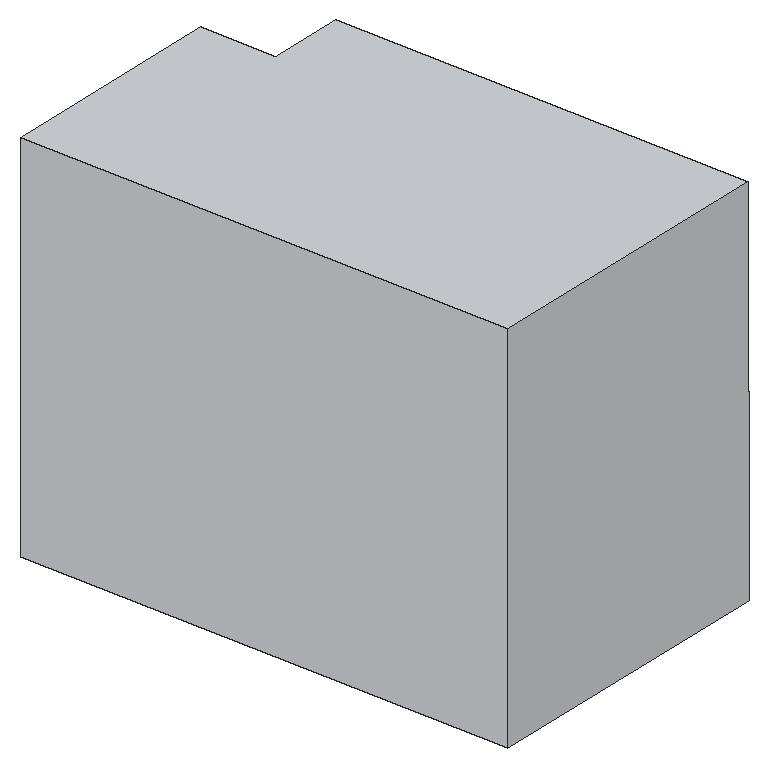
Revit family "ca54b1a6f37d4c4da05de38090df0107", category Duct Fittings, Revit 2021
Family settings
  Round Connector Dimension = Use Diameter
  Part Type = Elbow
  OmniClass Number = 23.75.70.14
  OmniClass Title = Air Ductwork
  Seek Item ID = Rectangular Elbow - Mitered - Transition-0000-USA-ENU
  Work Plane-Based = No
  Always vertical = Yes
  Cut with Voids When Loaded = No
  Shared = No
Parameters (values of type "Standard")
  Duct Width 2 [instance] = 22"
  Duct Width 1 [instance] = 12"
  Shoulder Length [instance] = 4"
  HalfHeight [instance] = Duct Height / 2  # 10"
  Duct Height [instance] = 20"
  Default Elevation = 0' - 0"
Reference planes (in)
  plane 1 "Center (Front/Back)": y = 0
  plane 2: z = 0
  plane 3 "Center (Left/Right)": x = 0
  plane 4: x = -11
  plane 5: x = 11
  plane 6: y = 6
  plane 7: y = -6
  plane 8: y = 10
  plane 9: x = -15
  plane 10 "Bottom": z = -10
  plane 11: y = 6
  plane 12: y = -6
  plane 13: x = 11
  plane 14: x = -11
Forms (in)
  Extrusion 1, solid, detail levels medium+fine
    sketch origin (0, 0, -10) x (1, 0, 0) y (0, 1, 0)
      loop
        line (-15, 6) -> (-15, -6) -> (11, -6) -> (11, 10) -> (-11, 10) -> (-11, 6) -> (-15, 6)
    from 0 to 20 <- "Duct Height"
Lines and regions (in)
  reference lines
    curve 1: line (-15, 6, 0) -> (-11, 6, 0)
    curve 2: line (-11, 6, 0) -> (-11, 10, 0)
    curve 3: line (-11, 10, 0) -> (11, 10, 0)
    curve 4: line (11, 10, 0) -> (11, -6, 0)
    curve 5: line (11, -6, 0) -> (-15, -6, 0)
    curve 6: line (-15, -6, 0) -> (-15, 6, 0)
    curve 7: line (11, 10, -10) -> (-11, 10, -10)
    curve 8: line (-15, 6, -10) -> (-15, -6, -10)
    curve 9: line (-15, -6, -10) -> (11, -6, -10)
    curve 10: line (11, -6, -10) -> (11, 10, -10)
    curve 11: line (-11, 10, -10) -> (-11, 6, -10)
    curve 12: line (-11, 6, -10) -> (-15, 6, -10)
    curve 13: line (-15, 6, -10) -> (-15, -6, -10)
    curve 14: line (11, -6, -10) -> (-15, -6, -10)
    curve 15: line (11, -6, -10) -> (11, 10, -10)
    curve 16: line (11, 10, -10) -> (-11, 10, -10)
    curve 17: line (-11, 10, -10) -> (-11, 6, -10)
  model lines, detail levels coarse
    curve 18: line (-15, 0, 0) -> (0, 0, 0)
    curve 19: line (0, 10, 0) -> (0, 0, 0)
Dimensions and locks (in)
  equal spacing: plane 4, plane 3 "Center (Left/Right)", plane 5
  "Duct Width 2": plane 4 to plane 5
  equal spacing: plane 7, plane 1 "Center (Front/Back)", plane 6
  "Duct Width 1": plane 7 to plane 6
  plane 10 "Bottom" to plane 2 = 0' - 10"
  "HalfHeight": plane 2 to plane 10 "Bottom"
  "Shoulder Length": plane 9 to plane 4
  "Shoulder Length": plane 6 to plane 8
  aligned and locked: plane 4 to curve 1
  aligned and locked: plane 6 to curve 2
  aligned and locked: Extrusion 1 sketch curve to curve 1
  aligned and locked: Extrusion 1 sketch curve to curve 6
  aligned and locked: Extrusion 1 sketch curve to curve 5
  aligned and locked: Extrusion 1 sketch curve to curve 4
  aligned and locked: Extrusion 1 sketch curve to curve 3
  aligned and locked: Extrusion 1 sketch curve to curve 2
  aligned and locked: connector elem to curve 18
  aligned and locked: connector elem to curve 19
Automatic sketch dimensions
  curve 6 to plane 9 = 0' - 0"
  curve 5 to plane 7 = 0' - 0"
  curve 4 to plane 5 = 0' - 0"
  curve 2 to plane 8 = 0' - 0"
  curve 13 to plane 9 = 0' - 0"
  curve 11 to plane 14 = 0' - 0"
  curve 17 to plane 11 = 0' - 0"
  curve 16 to plane 8 = 0' - 0"
  curve 16 to plane 13 = 0' - 0"
  curve 14 to plane 12 = 0' - 0"
  curve 18 to plane 9 = 0' - 0"
  curve 19 to plane 8 = 0' - 0"
Connectors (in)
  hvac at (-15, 0, 0), driven by "Duct Height", driven by "Duct Width 1"
    settings: on Extrusion 1, index 1, duct flow 0 CFM, flow factor 0, pres drop 0.00 in-wg, loss coef 0, conn angle 90.00°, conn width 12", conn height 20", conn diameter 24", duct sys type 28, conn prof type 1, flow config 0, flow direction 0, loss method 0, conn ref index 2, conn util no, is conn primary yes, conn desc ""
  hvac at (0, 10, 0), driven by "Duct Height", driven by "Duct Width 2"
    settings: on Extrusion 1, index 2, duct flow 0 CFM, flow factor 0, pres drop 0.00 in-wg, loss coef 0, conn angle 90.00°, conn width 22", conn height 20", conn diameter 24", duct sys type 28, conn prof type 1, flow config 0, flow direction 0, loss method 0, conn ref index 1, conn util no, is conn primary no, conn desc ""
